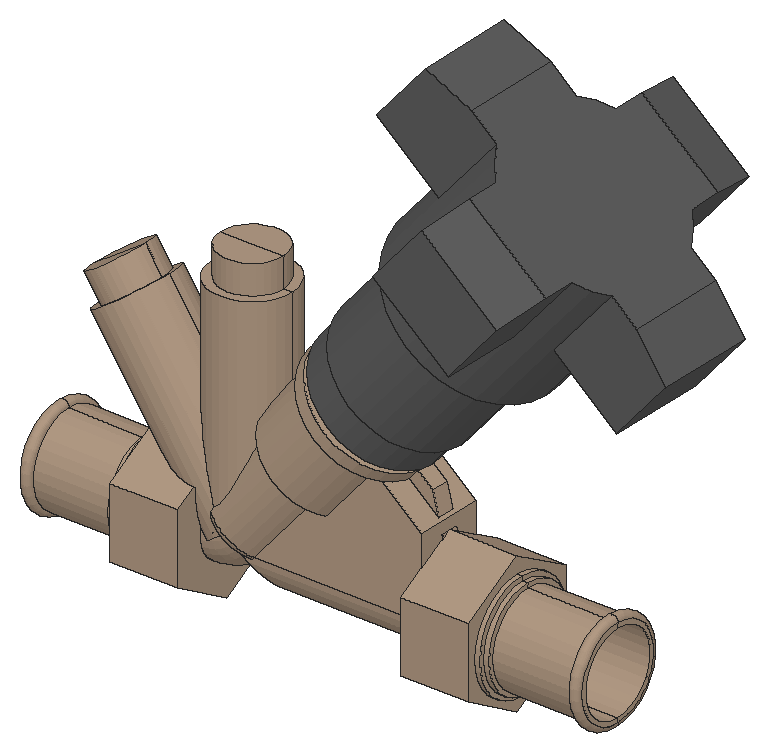
Revit family "oventrop_hydrocontrol-vpr_1060151-62rfa", category Арматура трубопроводов, Revit 2017
Family settings
  Размер круглого соединителя = Использовать радиус
  Тип детали = Клапан - Вставляется
  Номер OmniClass = 23.65.55.14.17
  Заголовок OmniClass = Adjusting/Controlling Valves for Liquid Services
  На основе рабочей плоскости = Нет
  Всегда вертикально = Да
  При загрузке вырезать с полостями = Нет
  Общий = Нет
Parameters (values of type "DN 15-18mm")
  t = 13.2 mm
  r2 = 3 mm  # constant formula
  r1 = 2 mm  # constant formula
  e3 = PressConnection_Dimension / 16  # 1.25 mm
  e2 = 2.5 mm
  Wholesaler Art. No. = ""
  Wholesaler = ""
  built-in parameter 1114242 [instance] = 1
  URL = "http://file-system.ru/catalog/zdaniya_i_sooruzheniya/kommunikatsii/oborudovanie_dlya_sistem_vodosnabzheniya_i_vodootvedeniya/hydrocontrol_vpr_dn_15_50_ventil_reguliruyushchiy/"
  Stabu Code = ""
  Revit Version = "2015"  # constant formula
  Product Line = "Oventrop"  # constant formula
  PressConnection_Dimension = 20 mm
  SW2 = NutDimension / sqrt(3 / 4)  # 31.177 mm
  NutDimension = 27 mm
  Rad6 [instance] = Radius + 1 mm  # 10 mm
  Rad5 = Rad4 + 2 mm  # 14.5 mm
  Rad4 = Rad3 + 2.5 mm  # 12.5 mm
  Rad3 = Rad2 + 2.5 mm  # 10 mm
  Rad2 = Rad1 - 2 mm  # 7.5 mm
  Rad1 = 9.5 mm
  Pressure Drop = 0.0 Pa
  Radius = 9 mm
  MEPcontent Class = "VALVE_BALANCING"  # constant formula
  Language = ""
  IFCExportType = "PRESSUREREDUCING"
  IFCExportAs = "IfcValveType"
  Function Code [instance] = ""
  Family Version = "10.14"  # constant formula
  ETIM Article Class = "EC011463"
  EMCS Version = "2.0"  # constant formula
  Diameter = 18 mm
  Группа модели = "Hydrocontrol VPR 10601"
  Изготовитель = "Oventrop"  # constant formula
  Lgt2 = 11 mm  # constant formula
  Lgt1 = t + 2 mm  # 15.2 mm
  L2 = Rad2 * tan(Angle / 2)  # 3.497 mm
  Dim_l = 80 mm
  Internal Art. No. = ""
  Hlp1 = 22 mm  # constant formula
  Height = 114 mm
  Hb6 = ((Hb2 + Hb3 + Hb5 + (2 * r1)) / sin(Angle)) - (Diameter * 0.29 + 2.7 mm)  # 47.951 mm
  Hb5 = 3 mm  # constant formula
  Hb4 = 18 mm  # constant formula
  Hb3 = 15 mm
  Hb2 = if(Diameter > 25 mm, 50 mm, Diameter * 0.6 + 10 mm)  # 20.8 mm
  Hb1 = 122 mm
  GTIN = "4026755344271"
  Описание = "Bronze double regulating and commissioning valves"  # constant formula
  Manufacturer URL = "http://www.oventrop.de/ArticleInfo.aspx?art=1060152"
  Custom = no
  CB-NL Class = ""
  Bronze = Color RGB 156-122-90
  Black = Color RGB 35-35-35
  Article Type = "Hydrocontrol VPR 10601"  # constant formula
  Article Description = "Bronze double regulating and commissioning valves"  # constant formula
  Angle = 50.00°  # constant formula
  Manufacturer Art. No. = "1060152"
Types (7, lengths in mm): name | t | e3 | e2 | URL | PressConnection_Dimension | SW2 | NutDimension | Rad6 | Rad5 | Rad4 | Rad3 | Rad2 | Rad1 | Radius | Diameter | Lgt1 | L2 | Dim_l | Height | Hb6 | Hb3 | Hb2 | Hb1 | GTIN | Manufacturer URL | Manufacturer Art. No.
  DN 40-42mm | 19.1 | 2.344 | 4.5 | "www.stabiplan.com" | 37.5 | 63.509 | 55 | 22 | 27.3 | 25.3 | 22.8 | 20.3 | 22.3 | 21 | 42 | 21.1 | 9.466 | 120 | 138 | 66.055 | 5 | 50 | 154 | "4026755344318" | "http://www.oventrop.de/ArticleInfo.aspx?art=1060160" | "1060160"
  DN 50-54mm | 25.7 | 2.656 | 4.5 | "www.stabiplan.com" | 42.5 | 80.829 | 70 | 28 | 35.2 | 33.2 | 30.7 | 28.2 | 30.2 | 27 | 54 | 27.7 | 13.15 | 150 | 148 | 75.629 | 15 | 50 | 167 | "4026755344325" | "http://www.oventrop.de/ArticleInfo.aspx?art=1060162" | "1060162"
  DN 32-35mm | 19.1 | 2 | 4.5 | "www.stabiplan.com" | 32 | 57.735 | 50 | 18.5 | 24 | 22 | 19.5 | 17 | 19 | 17.5 | 35 | 21.1 | 7.927 | 110 | 136 | 62.864 | 1 | 50 | 151 | "4026755344301" | "http://www.oventrop.de/ArticleInfo.aspx?art=1060158" | "1060158"
  DN 25-28mm | 16.8 | 1.688 | 3.5 | "www.stabiplan.com" | 27 | 47.343 | 41 | 15 | 20.9 | 18.9 | 16.4 | 13.9 | 15.9 | 14 | 28 | 18.8 | 6.482 | 97.5 | 119 | 80.559 | 13 | 50 | 129 | "4026755344295" | "http://www.oventrop.de/ArticleInfo.aspx?art=1060156" | "1060156"
  DN 20-22mm | 14.5 | 1.5 | 3.5 | "www.stabiplan.com" | 24 | 36.95 | 32 | 12 | 17.7 | 15.7 | 13.2 | 10.7 | 12.7 | 11 | 22 | 16.5 | 4.989 | 84 | 116 | 44.703 | 11 | 23.2 | 125 | "4026755344288" | "http://www.oventrop.de/ArticleInfo.aspx?art=1060154" | "1060154"
  DN 15-18mm | 13.2 | 1.25 | 2.5 | "http://file-system.ru/catalog/zdaniya_i_sooruzheniya/kommunikatsii/oborudovanie_dlya_sistem_vodosnabzheniya_i_vodootvedeniya/hydrocontrol_vpr_dn_15_50_ventil_reguliruyushchiy/" | 20 | 31.177 | 27 | 10 | 14.5 | 12.5 | 10 | 7.5 | 9.5 | 9 | 18 | 15.2 | 3.497 | 80 | 114 | 47.951 | 15 | 20.8 | 122 | "4026755344271" | "http://www.oventrop.de/ArticleInfo.aspx?art=1060152" | "1060152"
  DN 15-15mm | 13.2 | 1.125 | 2.5 | "www.stabiplan.com" | 18 | 31.177 | 27 | 8.5 | 14.5 | 12.5 | 10 | 7.5 | 9.5 | 7.5 | 15 | 15.2 | 3.497 | 80 | 114 | 46.472 | 15 | 19 | 122 | "4026755344264" | "http://www.oventrop.de/ArticleInfo.aspx?art=1060151" | "1060151"
Reference planes
  plane 1 "Center (Front/Back)": y = 0
  plane 2: z = 0
  plane 3 "Center (Left/Right)": x = 0
  plane 4: x = -40
  plane 5: x = 40
  plane 6: x = 26.8
  plane 7: x = -26.8
  plane 8: x = -24.8
  plane 9: z = -7.5
  plane 10: z = -10
  plane 11: z = -12.5
  plane 12: x = -21.303
  plane 13: z = 7.5
  plane 14: y = 5.5
  plane 15: y = -5.5
  plane 16: y = -7.5
  plane 17: y = 7.5
  plane 18: x = 24.8
  plane 19: y = 11
  plane 20: y = -11
  plane 21: y = -2
  plane 22: y = 2
  plane 23: z = 15.588
  plane 24: z = -15.588
  plane 25: y = 13.5
  plane 26: y = -13.5
  plane 27: x = 61.25
  plane 28: x = 42.5
  plane 29: x = -42.5
  plane 30: x = -61.25
  plane 31: x = -62.5
  plane 32: x = 62.5
  plane 33: x = 41.25
  plane 34: x = -41.25
Forms (mm)
  Extrusion 1, solid, material "Color RGB 156-122-90" <- "Bronze", detail levels fine
    sketch origin (0, 0, 0) x (0, 1, 0) y (0, 0, 1)
      loop
        circle (0, 0) r 7.5
    from -26.8 to 26.8
  Revolve 2, void
    sketch origin (-21.303, 0, 0) x (0.642788, 0, 0.766044) y (-0.766044, 0, 0.642788)
      loop
        line (3.497, 0) -> (-80, 0) -> (-80, -80) -> (3.497, -80) -> (3.497, 0)
      axis (-80, 0) -> (3.497, 0)
    angle from 0 to 360
  Revolve 3, solid, material "Color RGB 156-122-90" <- "Bronze", detail levels fine
    sketch origin (-24.8, -1524, 140.053) x (0, 0, 1) y (0, -1, 0)
      loop
        circle (-140.053, -1524) r 7.5
      axis (-132.553, -1524) -> (-132.553, -1523)
    angle from 0 to -50
  Extrusion 4, solid, material "Color RGB 105-77-58", detail levels fine
    sketch origin (-24.8, -1524, 140.053) x (0, 0, 1) y (0, -1, 0)
      loop
        circle (-140.053, -1524) r 7.5
    from -17.7 to 0
  Revolve 5, solid, material "Color RGB 156-122-90" <- "Bronze", detail levels fine
    sketch origin (-21.303, 0, 0) x (0.642788, 0, 0.766044) y (-0.766044, 0, 0.642788)
      loop
        line (48.297, 0) -> (3.497, 0) -> (3.497, -8)
        arc (3.497, -8) -> (4.083, -9.414) -> (5.497, -10) r 2
        line (5.497, -10) -> (24.297, -10) -> (26.297, -12.5) -> (41.297, -12.5) -> (43.297, -14.5) -> (46.297, -14.5) -> (46.297, -12.5) -> (48.297, -12.5) -> (48.297, 0)
      axis (3.497, 0) -> (48.297, 0)
    angle from 0 to 360
  Revolve 6, solid, material "Color RGB 35-35-35" <- "Black", detail levels fine
    sketch origin (-21.303, 0, 0) x (0.642788, 0, 0.766044) y (-0.766044, 0, 0.642788)
      loop
        line (48.297, 0) -> (48.297, -15) -> (57, -15) -> (57, -16) -> (82, -16) -> (82, -20) -> (122, -20) -> (122, 0) -> (48.297, 0)
      axis (48.297, 0) -> (122, 0)
    angle from 0 to 360
  Extrusion 7, solid, material "Color RGB 35-35-35" <- "Black", detail levels fine
    sketch origin (-21.303, 0, 0) x (0.642788, 0, 0.766044) y (-0.766044, 0, 0.642788)
      loop
        line (122, 24) -> (119, 35) -> (102, 35) -> (102, -35) -> (119, -35) -> (122, -24) -> (122, 24)
    from -11 to 11
  Extrusion 8, solid, material "Color RGB 35-35-35" <- "Black", detail levels fine
    sketch origin (-21.303, 0, 0) x (0.642788, 0, 0.766044) y (0, -1, 0)
      loop
        line (119, -35) -> (122, -24) -> (122, 24) -> (119, 35) -> (102, 35) -> (102, -35) -> (119, -35)
    from -11 to 11
  Extrusion 9, solid, material "Color RGB 105-77-58", detail levels fine
    sketch origin (26.8, -1524, 140.053) x (0, 0, 1) y (0, -1, 0)
      loop
        circle (-140.053, -1524) r 7.5
    from 15.7 to -2
  Extrusion 10, solid, material "Color RGB 156-122-90" <- "Bronze", detail levels fine
    sketch origin (-21.303, 0, 0) x (0.642788, 0, 0.766044) y (-0.766044, 0, 0.642788)
      loop
        line (43.297, 0) -> (3.497, 0) -> (3.497, -4.168) -> (29.634, -35.317) -> (43.297, -23.852) -> (43.297, 0)
    from -7.5 to 7.5
  Extrusion 11, solid, material "Color RGB 156-122-90" <- "Bronze", detail levels fine
    sketch origin (-21.303, 0, 0) x (0.642788, 0, 0.766044) y (-0.766044, 0, 0.642788)
      loop
        line (46.297, -18.678) -> (46.297, 0) -> (24.813, -29.571) -> (30.92, -36.849) -> (36.665, -32.028) -> (46.297, -18.678)
    from -2 to 2
  Revolve 12, solid, material "Color RGB 156-122-90" <- "Bronze", detail levels fine
    sketch origin (-19.055, 0, 2.679) x (-0.573576, 0, 0.819152) y (-0.819152, 0, -0.573576)
      loop
        line (51.5, 0) -> (0, 0) -> (0, -9) -> (45, -9) -> (45, -7) -> (51.5, -7) -> (51.5, 0)
      axis (0, 0) -> (51.5, 0)
    angle from 0 to 360
  Revolve 13, solid, material "Color RGB 156-122-90" <- "Bronze", detail levels fine
    sketch origin (-19.055, 0, 2.679) x (0, 0, 1) y (-1, 0, 0)
      loop
        line (0, 0) -> (0, -9) -> (47.951, -9) -> (47.951, -7) -> (54.451, -7) -> (54.451, 0) -> (0, 0)
      axis (0, 0) -> (54.451, 0)
    angle from 0 to 360
  Extrusion 14, solid, material "Color RGB 156-122-90" <- "Bronze", detail levels fine
    sketch origin (0, 0, 0) x (0, 1, 0) y (0, 0, 1)
      loop
        line (0, 15.588) -> (-13.5, 7.794) -> (-13.5, -7.794) -> (0, -15.588) -> (13.5, -7.794) -> (13.5, 7.794) -> (0, 15.588)
    from 24.8 to 40
  Extrusion 15, solid, material "Color RGB 156-122-90" <- "Bronze", detail levels fine
    sketch origin (0, 0, 0) x (0, 1, 0) y (0, 0, 1)
      loop
        line (0, 15.588) -> (-13.5, 7.794) -> (-13.5, -7.794) -> (0, -15.588) -> (13.5, -7.794) -> (13.5, 7.794) -> (0, 15.588)
    from -40 to -24.8
  Revolve 16, solid, material "Color RGB 156-122-90" <- "Bronze", detail levels fine
    sketch origin (0, 0, 0) x (1, 0, 0) y (0, 0, 1)
      loop
        line (40, 9) -> (62.5, 9) -> (62.5, 10)
        arc (62.5, 10) -> (61.25, 11.25) -> (60, 10) r 1.25
        line (60, 10) -> (42.5, 10) -> (42.5, 11) -> (41.25, 11) -> (41.25, 12) -> (40, 12) -> (40, 9)
      loop
        line (-40, 9) -> (-40, 12) -> (-41.25, 12) -> (-41.25, 11) -> (-42.5, 11) -> (-42.5, 10) -> (-60, 10)
        arc (-60, 10) -> (-61.25, 11.25) -> (-62.5, 10) r 1.25
        line (-62.5, 10) -> (-62.5, 9) -> (-40, 9)
      axis (-62.5, 0) -> (62.5, 0)
    angle from 0 to 360
Cuts and joins
  Revolve 2 cuts Extrusion 1
  joined: Revolve 6, Extrusion 7, Extrusion 8
Lines and regions (mm)
  reference lines
    curve 1: line (-21.303, 0, 0) -> (235.812, 0, 306.418)
    curve 2: line (-12.163, 0, 151.591) -> (129.728, 0, 32.53)
    curve 3: line (-14.092, 0, 149.293) -> (127.8, 0, 30.232)
    curve 4: line (-25.019, 0, 136.27) -> (116.872, 0, 17.209)
    curve 5: line (104.017, 0, 1.888) -> (-37.875, 0, 120.949)
    curve 6: line (109.159, 0, 8.016) -> (-32.732, 0, 127.077)
    curve 7: line (-59.538, 0, 95.131) -> (82.353, 0, -23.93)
    curve 8: line (-60.824, 0, 93.599) -> (81.067, 0, -25.462)
    curve 9: line (-62.752, 0, 91.301) -> (79.139, 0, -27.76)
    curve 10: line (-64.038, 0, 89.769) -> (77.854, 0, -29.292)
    curve 11: line (-73.68, 0, 78.278) -> (68.212, 0, -40.783)
    curve 12: line (-88.335, 0, 60.812) -> (53.556, 0, -58.249)
    curve 13: line (-21.303, 0, 0) -> (64.714, 0, -72.176)
    curve 14: line (-53.944, 0, 101.798) -> (87.947, 0, -17.263)
    curve 15: line (-74.965, 0, 76.746) -> (66.926, 0, -42.315)
    curve 16: line (13.676, 0, 26.129) -> (54.039, 0, 74.232)
    curve 17: line (55.954, 0, 72.625) -> (15.591, 0, 24.522)
    curve 18: line (57.486, 0, 71.339) -> (17.123, 0, 23.236)
    curve 19: line (87.138, 0, 91.897) -> (73.574, 0, 75.732)
    curve 20: line (50.368, 0, 122.751) -> (36.804, 0, 106.586)
    curve 21: line (95.564, 0, 84.826) -> (82.001, 0, 68.662)
    curve 22: line (41.941, 0, 129.821) -> (28.377, 0, 113.657)
    curve 23: line (68.753, 24, 107.324) -> (55.189, 24, 91.159)
    curve 24: line (68.753, -24, 107.324) -> (55.189, -24, 91.159)
    curve 25: line (68.753, -35, 107.324) -> (55.189, -35, 91.159)
    curve 26: line (68.753, 35, 107.324) -> (55.189, 35, 91.159)
    curve 27: line (57.117, 41.48, 93.457) -> (57.117, -45.862, 93.457)
    curve 28: line (55.189, 41.48, 91.159) -> (55.189, -45.862, 91.159)
    curve 29: line (44.262, -45.862, 78.137) -> (44.262, 41.48, 78.137)
    curve 30: line (-19.055, 0, 2.679) -> (-47.733, 0, 43.637)
    curve 31: line (-19.055, 0, 2.679) -> (-19.055, 0, 44.978)
    curve 32: line (0, 27, 0) -> (0, 0, 15.588)
    curve 33: line (0, 0, -15.588) -> (0, -27, 0)
    curve 34: line (0, -27, 0) -> (0, 0, 15.588)
    curve 35: line (0, 0, -15.588) -> (0, 27, 0)
  model lines, style "Accessories", detail levels coarse+medium
    curve 36: line (-42.5, 0, 11.519) -> (-42.5, 0, -11.519)
    curve 37: line (42.5, 0, 11.519) -> (42.5, 0, -11.519)
    curve 38: line (-42.5, 0, -11.519) -> (42.5, 0, 11.519)
    curve 39: line (42.5, 0, -11.519) -> (-42.5, 0, 11.519)
    curve 40: circle (0, 0, 0) r 9 normal (1, 0, 0)
    curve 41: line (-42.5, 11.519, 0) -> (-42.5, -11.519, 0)
    curve 42: line (42.5, 11.519, 0) -> (42.5, -11.519, 0)
    curve 43: line (42.5, 11.519, 0) -> (-42.5, -11.519, 0)
    curve 44: line (-42.5, 11.519, 0) -> (42.5, -11.519, 0)
Dimensions and locks
  equal spacing: plane 5, plane 3 "Center (Left/Right)", plane 4
  "Dim_l": plane 5 to plane 4
  "t": plane 7 to plane 4
  "Lgt1": plane 4 to plane 8
  "L2": plane 12 to plane 8
  "t": plane 6 to plane 5
  "Rad4": level to plane 11
  "Rad3": level to plane 10
  "Rad2": level to plane 9
  "Rad2": plane 13 to level
  equal spacing: plane 14, plane 1 "Center (Front/Back)", plane 15
  "Lgt2": plane 14 to plane 15
  "Hb1": curve 13 to curve 2
  locked: curve 3 to curve 2 at 3
  locked: curve 4 to curve 3 at 17
  locked: curve 5 to curve 4 at 20
  curve 5 to curve 14 = 25 mm
  "Dim_l": Revolve 2 sketch curve to curve 1
  "Dim_l": Revolve 2 sketch curve to curve 13
  equal spacing: plane 17, plane 1 "Center (Front/Back)", plane 16
  "Rad2": plane 1 "Center (Front/Back)" to plane 16
  "L2": curve 13 to curve 12
  "Lgt1": plane 5 to plane 18
  "Hb2": curve 12 to curve 15
  "r1": curve 15 to curve 11
  "Hb3": curve 11 to curve 10
  "r1": curve 10 to curve 9
  "Hb5": curve 9 to curve 8
  "r1": curve 8 to curve 7
  "Rad3": curve 16 to curve 1
  "Rad4": curve 17 to curve 1
  "Rad5": curve 18 to curve 1
  locked: curve 6 to curve 5 at 8
  locked: Revolve 6 sketch curve to Revolve 6 sketch curve at 1
  locked: curve 1 to Revolve 6 sketch curve at 16
  locked: Revolve 6 sketch curve to curve 1 at 20
  equal spacing: curve 19, curve 1, curve 20
  locked: curve 19 to curve 1 at 24
  equal spacing: curve 21, curve 1, curve 22
  locked: curve 1 to curve 22 at 35
  "Hlp1": plane 19 to plane 20
  equal spacing: plane 19, plane 1 "Center (Front/Back)", plane 20
  equal spacing: curve 23, curve 1, curve 24
  locked: curve 23 to curve 1 at 24
  equal spacing: curve 26, curve 1, curve 25
  locked: curve 1 to curve 25 at 35
  "Hb1": curve 1 to curve 27
  locked: curve 28 to curve 27 at 3
  locked: curve 29 to curve 28 at 17
  equal spacing: plane 22, plane 1 "Center (Front/Back)", plane 21
  "r1": plane 1 "Center (Front/Back)" to plane 21
  locked: Revolve 12 sketch curve to curve 30 at 9
  locked: Revolve 12 sketch curve to Revolve 12 sketch curve at 2
  locked: Revolve 12 sketch curve to Revolve 12 sketch curve at 45
  locked: Revolve 12 sketch curve to Revolve 12 sketch curve at 6.5
  "Hb6": Revolve 13 sketch curve to Revolve 13 sketch curve
  locked: Revolve 13 sketch curve to Revolve 13 sketch curve at 6.5
  locked: Revolve 13 sketch curve to curve 31 at 9
  locked: Revolve 13 sketch curve to Revolve 13 sketch curve at 2
  equal spacing: plane 25, plane 1 "Center (Front/Back)", plane 26
  "NutDimension": plane 25 to plane 26
  equal spacing: plane 23, level, plane 24
  "SW2": plane 23 to plane 24
  equal spacing: curve 33, plane 1 "Center (Front/Back)", curve 32
  "NutDimension": curve 33 to curve 32
  equal spacing: curve 34, plane 1 "Center (Front/Back)", curve 35
  "NutDimension": curve 34 to curve 35
  "e2": plane 5 to plane 28
  "PressConnection_Dimension": plane 28 to plane 32
  "e3": plane 32 to plane 27
  "e2": plane 4 to plane 29
  "PressConnection_Dimension": plane 29 to plane 31
  "e3": plane 30 to plane 31
  equal spacing: plane 5, plane 33, plane 28
  equal spacing: plane 4, plane 34, plane 29
  "Rad6": Revolve 16 sketch curve to level
  locked: Revolve 16 sketch curve to Revolve 16 sketch curve at 1
  equal spacing: Revolve 16 sketch curve, Revolve 16 sketch curve, Revolve 16 sketch curve
  "Radius": Revolve 16 sketch curve to Revolve 16 sketch curve  (x2)
  plane 28 to plane 29 = 85 mm
  "Rad2": radius of Extrusion 1 sketch curve
  "Rad2": radius of Revolve 3 sketch curve
  "Rad2": radius of Extrusion 4 sketch curve
  "r1": radius of Revolve 5 sketch curve
  "Rad2": radius of Extrusion 9 sketch curve
  "Radius": radius of curve 40
  "e3": radius of Revolve 16 sketch curve  (x2)
  "Angle": angle level to curve 1
  locked: curve 1 to curve 30 (angle 75.00°)
  locked: curve 1 to curve 31 (angle 40.00°)
  aligned and locked: level to plane 2
  aligned and locked: plane 12 to curve 1
  aligned and locked: plane 2 to curve 1
  aligned and locked: curve 3 to curve 2  (x2)
  aligned and locked: curve 4 to curve 2  (x2)
  aligned and locked: curve 5 to curve 2  (x2)
  aligned and locked: curve 6 to curve 2  (x2)
  aligned and locked: curve 7 to curve 2  (x2)
  aligned and locked: curve 8 to curve 2  (x2)
  aligned and locked: curve 9 to curve 2  (x2)
  aligned and locked: curve 10 to curve 2  (x2)
  aligned and locked: curve 11 to curve 2  (x2)
  aligned and locked: curve 12 to curve 2  (x2)
  aligned and locked: curve 13 to curve 1  (x2)
  aligned and locked: curve 14 to curve 2  (x2)
  aligned and locked: Revolve 2 sketch curve to curve 1  (x2)
  aligned and locked: curve 15 to curve 4
  aligned and locked: plane 6 to Extrusion 1
  aligned and locked: plane 7 to Extrusion 1
  aligned and locked: plane 13 to Revolve 3 sketch curve
  aligned and locked: plane 8 to Extrusion 4
  aligned and locked: Revolve 5 sketch curve to curve 12
  aligned and locked: curve 1 to Revolve 5 sketch curve
  aligned and locked: Revolve 5 sketch curve to curve 1
  aligned and locked: curve 12 to Revolve 2 sketch curve
  aligned and locked: curve 17 to curve 16  (x2)
  aligned and locked: curve 18 to curve 16  (x2)
  aligned and locked: curve 7 to Revolve 5 sketch curve
  aligned and locked: curve 16 to Revolve 5 sketch curve
  aligned and locked: curve 15 to Revolve 5 sketch curve
  aligned and locked: curve 17 to Revolve 5 sketch curve
  aligned and locked: curve 11 to Revolve 5 sketch curve
  aligned and locked: curve 10 to Revolve 5 sketch curve
  aligned and locked: curve 9 to Revolve 5 sketch curve
  aligned and locked: curve 18 to Revolve 5 sketch curve
  aligned and locked: Revolve 5 sketch curve to curve 8
  aligned and locked: Revolve 5 sketch curve to curve 17
  aligned and locked: Revolve 6 sketch curve to curve 2
  aligned and locked: Revolve 6 sketch curve to curve 1  (x2)
  aligned and locked: curve 5 to Revolve 6 sketch curve
  aligned and locked: Revolve 6 sketch curve to curve 14
  aligned and locked: curve 7 to Revolve 6 sketch curve
  aligned and locked: curve 20 to Extrusion 7 sketch curve
  aligned and locked: curve 2 to Extrusion 7 sketch curve
  aligned and locked: curve 19 to Extrusion 7 sketch curve
  aligned and locked: curve 3 to Extrusion 7 sketch curve  (x2)
  aligned and locked: curve 4 to Extrusion 7 sketch curve  (x2)
  aligned and locked: curve 19 to curve 21  (x2)
  aligned and locked: curve 22 to curve 19
  aligned and locked: curve 22 to curve 20
  aligned and locked: curve 22 to Extrusion 7 sketch curve
  aligned and locked: curve 21 to Extrusion 7 sketch curve
  aligned and locked: Extrusion 7 to plane 19
  aligned and locked: Extrusion 7 to plane 20
  aligned and locked: curve 19 to curve 23
  aligned and locked: curve 24 to curve 19  (x2)
  aligned and locked: curve 25 to curve 19
  aligned and locked: curve 19 to curve 26
  aligned and locked: curve 27 to curve 29  (x2)
  aligned and locked: curve 27 to curve 28  (x2)
  aligned and locked: curve 28 to Extrusion 8 sketch curve  (x2)
  aligned and locked: curve 29 to Extrusion 8 sketch curve  (x2)
  aligned and locked: curve 26 to Extrusion 8 sketch curve
  aligned and locked: curve 25 to Extrusion 8 sketch curve
  aligned and locked: curve 24 to Extrusion 8 sketch curve
  aligned and locked: Extrusion 8 sketch curve to curve 27
  aligned and locked: curve 23 to Extrusion 8 sketch curve
  aligned and locked: Extrusion 9 to plane 18
  aligned and locked: curve 9 to Extrusion 10 sketch curve
  aligned and locked: Extrusion 10 sketch curve to plane 18
  aligned and locked: plane 2 to Extrusion 10 sketch curve
  aligned and locked: curve 1 to Extrusion 10 sketch curve
  aligned and locked: plane 17 to Extrusion 10
  aligned and locked: plane 16 to Extrusion 10
  aligned and locked: curve 12 to Extrusion 10 sketch curve
  aligned and locked: curve 8 to Extrusion 11 sketch curve  (x2)
  aligned and locked: plane 13 to Extrusion 11 sketch curve
  aligned and locked: Extrusion 11 sketch curve to plane 6
  aligned and locked: plane 2 to Extrusion 11 sketch curve
  aligned and locked: Extrusion 11 to plane 22
  aligned and locked: plane 21 to Extrusion 11
  aligned and locked: Revolve 12 sketch curve to curve 30  (x2)
  aligned and locked: Revolve 13 sketch curve to curve 31  (x2)
  aligned and locked: level to curve 32
  aligned and locked: plane 23 to curve 32
  aligned and locked: plane 1 "Center (Front/Back)" to curve 32
  aligned and locked: level to curve 33
  aligned and locked: Extrusion 14 sketch curve to curve 34
  aligned and locked: plane 26 to Extrusion 14 sketch curve
  aligned and locked: Extrusion 14 sketch curve to curve 33
  aligned and locked: Extrusion 14 sketch curve to curve 35
  aligned and locked: Extrusion 14 sketch curve to plane 25
  aligned and locked: curve 32 to Extrusion 14 sketch curve
  aligned and locked: Extrusion 15 sketch curve to curve 34
  aligned and locked: plane 26 to Extrusion 15 sketch curve
  aligned and locked: Extrusion 15 sketch curve to curve 33
  aligned and locked: Extrusion 15 sketch curve to curve 35
  aligned and locked: Extrusion 15 sketch curve to plane 25
  aligned and locked: curve 32 to Extrusion 15 sketch curve
  aligned and locked: plane 8 to Extrusion 15
  aligned and locked: Extrusion 14 to plane 18
  aligned and locked: Extrusion 15 to plane 4
  aligned and locked: Extrusion 14 to plane 5
  aligned and locked: curve 1 to Extrusion 11 sketch curve
  aligned and locked: plane 28 to Extrusion 9
  aligned and locked: Extrusion 4 to plane 29
  aligned and locked: Revolve 16 sketch curve to plane 5
  aligned and locked: Revolve 16 sketch curve to plane 33
  aligned and locked: Revolve 16 sketch curve to plane 28
  aligned and locked: plane 32 to Revolve 16 sketch curve
  aligned and locked: Revolve 16 sketch curve to Revolve 16 sketch curve  (x5)
  aligned and locked: plane 4 to Revolve 16 sketch curve
  aligned and locked: Revolve 16 sketch curve to plane 34
  aligned and locked: Revolve 16 sketch curve to plane 29
  aligned and locked: Revolve 16 sketch curve to plane 31
  aligned and locked: Revolve 16 sketch curve to level
  aligned and locked: curve 41 to plane 29
  aligned and locked: curve 42 to plane 28
  aligned and locked: curve 36 to plane 29
  aligned and locked: curve 37 to plane 28
Automatic sketch dimensions
  Revolve 6 sketch curve to curve 1 = 0 mm  (x2)
  Revolve 12 sketch curve to curve 30 = 0 mm  (x3)
  Extrusion 11 sketch curve to Extrusion 11 sketch curve = 6.106 mm
  Extrusion 11 sketch curve to Extrusion 11 sketch curve = 13.349 mm
  plane 20 to curve 43 = 0.519 mm
  curve 44 to plane 19 = 0.519 mm
  plane 20 to curve 42 = 0.519 mm
  curve 43 to plane 19 = 0.519 mm
  curve 38 to plane 11 = 0.981 mm
  plane 13 to curve 36 = 4.019 mm
  curve 37 to plane 11 = 0.981 mm
  plane 13 to curve 38 = 4.019 mm
  curve 40 to level = 0 mm
  curve 40 to plane 1 "Center (Front/Back)" = 0 mm
  Extrusion 1 sketch curve to level = 0 mm
  Extrusion 1 sketch curve to plane 1 "Center (Front/Back)" = 0 mm
  curve 13 to curve 1 = 112.287 mm
  curve 30 to curve 1 = 0 mm
  curve 31 to curve 1 = 0 mm
  curve 31 to curve 17 = 6.599 mm
  curve 18 to curve 19 = 13.706 mm
  curve 20 to curve 20 = 21.101 mm
  curve 2 to curve 21 = 59.787 mm
  curve 1 to curve 11 = 90.439 mm
  curve 11 to curve 15 = 0 mm
  Revolve 2 sketch curve to curve 1 = 0 mm  (x2)
  Revolve 3 sketch curve to level = 0 mm
  Revolve 3 sketch curve to plane 1 "Center (Front/Back)" = 0 mm
  Revolve 3 sketch curve to plane 25 = 1276.504 mm
  plane 26 to Revolve 3 sketch curve = 2660.599 mm
  Extrusion 4 sketch curve to level = 0 mm
  Extrusion 4 sketch curve to plane 1 "Center (Front/Back)" = 0 mm
  Revolve 5 sketch curve to curve 1 = 0 mm  (x2)
  curve 29 to curve 26 = 6.48 mm
  curve 25 to curve 29 = 10.862 mm
  Extrusion 9 sketch curve to level = 0 mm
  Extrusion 9 sketch curve to plane 1 "Center (Front/Back)" = 0 mm
  Revolve 13 sketch curve to curve 31 = 0 mm  (x3)
  Revolve 16 sketch curve to plane 31 = 1282.49 mm
  plane 32 to Revolve 16 sketch curve = 1829.483 mm
Connectors
  piping at (-42.5, 0, 0), diameter 18, driven by "Radius", driven by "Pressure Drop"
    settings: on Extrusion 4, index 1, connector inside diameter 15 mm, connector length 0 mm, flow factor 0, pipe flow 0.0 L/s, pressure drop 0.0 Pa, fitting loss kfactor 0, connector angle 0.00°, fixture units 0, engagement length 0 mm, angle of deflection 0.00°, flow configuration 0, flow direction 1, fitting loss method 4, system type 29, joint type 0, gender type 0, connector reference index 2, connector utility 0, adjustable connector no, is connector primary yes, connector description "Global In"
  piping at (42.5, 0, 0), diameter 18, driven by "Pressure Drop", driven by "Radius"
    settings: on Extrusion 9, index 2, connector inside diameter 15 mm, connector length 0 mm, flow factor 0, pipe flow 0.0 L/s, pressure drop 0.0 Pa, fitting loss kfactor 0, connector angle 0.00°, fixture units 0, engagement length 0 mm, angle of deflection 0.00°, flow configuration 0, flow direction 2, fitting loss method 4, system type 29, joint type 0, gender type 0, connector reference index 1, connector utility 0, adjustable connector no, is connector primary no, connector description "Global Out"
